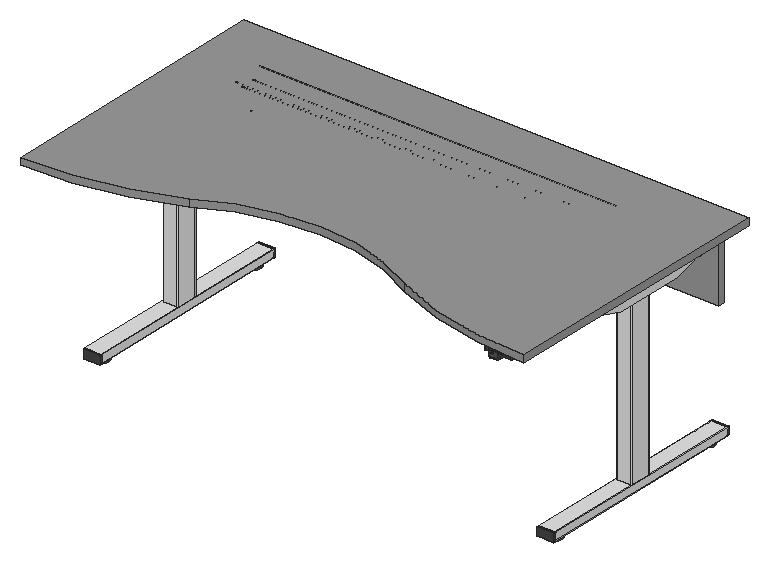
Revit family "Rise LT Double Wave Desk", category Furniture, Revit 2016
Family settings
  OmniClass Number = 23.40.20.00
  OmniClass Title = General Furniture and Specialties
  Work Plane-Based = No
  Always vertical = Yes
  Cut with Voids When Loaded = No
  Shared = No
  Room Calculation Point = No
Parameters (values of type "1800 x 800 with Modesty Panel & Cable Tray")
  Width = 1800 mm
  URL = "www.gof.co.uk"
  Type Comments = ""
  Range = "RISE LT"
  Product Code = "HDLWD18"
  Modesty Panel Visible = yes
  Modesty Panel = "BTCPW18"
  HeightControl [instance] = if(Height < 720 mm, 720 mm, (if(Height > 1200 mm, 1200 mm, Height)))  # 727 mm
  Height [instance] = 727 mm
  Desktop = Gresham - Midnight Ash
  Model = ""
  Manufacturer = "Gresham Office Furniture"  # constant formula
  Frame = Gresham - Silver Metal
  Foot = Gresham - Black Plastic
  Cable Tray Visible = yes
  Cable Tray = "MECT18"
  Assembly Code = "E2020200"
Reference planes
  plane 1 "Center (Front/Back)": y = -100
  plane 2: z = 0
  plane 3 "Center (Left/Right)": x = 0
  plane 4: x = -900
  plane 5: x = 900
  plane 6 "Desktop Underside": z = 702
  plane 7: y = 400
  plane 8: y = -600
  plane 9 "Foot": z = 15
  plane 10: z = 727
  plane 11: x = 595.86
  plane 12: x = -595.86
  plane 13 "Controls": x = 850
Forms (mm)
  Extrusion 1, solid, material "Gresham - Midnight Ash" <- "Desktop"
    sketch origin (0, 0, 702) x (-1, 0, 0) y (0, -1, 0)
      loop
        line (-900, 600) -> (-900, -400) -> (900, -400) -> (900, 599.618)
        arc (900, 599.618) -> (637.169, 574.18) -> (386.265, 491.874) r 1200
        arc (386.265, 491.874) -> (0.303, 384.491) -> (-385.659, 491.874) r 747.317
        arc (-385.659, 491.874) -> (-636.837, 574.442) -> (-900, 600) r 1200
    from 0 to 25
  Extrusion 2, solid
    sketch origin (-5, -202, 0) x (0, 1, 0) y (0, 0, 1)
      loop
        arc (244.5, 657) -> (246.621, 657.879) -> (247.5, 660) r 3
        line (247.5, 660) -> (247.5, 699)
        arc (247.5, 699) -> (246.621, 701.121) -> (244.5, 702) r 3
        line (244.5, 702) -> (207, 702) -> (207, 700) -> (244.5, 700)
        arc (244.5, 700) -> (245.207, 699.707) -> (245.5, 699) r 1
        line (245.5, 699) -> (245.5, 660)
        arc (245.5, 660) -> (245.207, 659.293) -> (244.5, 659) r 1
        line (244.5, 659) -> (210, 659)
        arc (210, 659) -> (209.293, 659.293) -> (209, 660) r 1
        line (209, 660) -> (209, 667) -> (207, 667) -> (207, 660)
        arc (207, 660) -> (207.879, 657.879) -> (210, 657) r 3
        line (210, 657) -> (244.5, 657)
    from -590.86 to 600.86
Dimensions and locks
  equal spacing: plane 4, plane 3 "Center (Left/Right)", plane 5
  "Width": plane 4 to plane 5
  equal spacing: plane 7, plane 1 "Center (Front/Back)", plane 8
  locked: plane 7 to plane 8 at 1000
  locked: plane 2 to plane 9 "Foot" at 15
  "HeightControl": plane 10 to level
  plane 10 to plane 6 "Desktop Underside" = 25 mm
  locked: nested 1 to plane 5 at 60
  locked: plane 7 to nested 1 at 12
  locked: nested 2 to plane 4 at 60
  locked: Extrusion 2 sketch curve to Extrusion 2 sketch curve at 41
  locked: plane 7 to nested 2 at 12
  locked: plane 11 to plane 5 at 304.14
  locked: plane 4 to plane 12 at 304.14
  locked: plane 13 "Controls" to plane 5 at 50
  locked: nested 3 to plane 8 at 8
  locked: plane 4 to nested 4 at 87
  locked: plane 7 to nested 5 at 53.5
  locked: plane 6 "Desktop Underside" to nested 5 at 61.5
  radius of Extrusion 1 sketch curve = 1200 mm  (x2)
  aligned and locked: level to plane 2
  aligned and locked: plane 10 to Extrusion 1
  aligned and locked: plane 11 to Extrusion 2
  aligned and locked: plane 12 to Extrusion 2
  aligned and locked: nested 3 to plane 13 "Controls"
  aligned and locked: plane 6 "Desktop Underside" to nested 3
  aligned and locked: plane 8 to Extrusion 1 sketch curve
  aligned and locked: plane 6 "Desktop Underside" to nested 4
Automatic sketch dimensions
  Extrusion 1 sketch curve to plane 5 = 0 mm
  Extrusion 1 sketch curve to plane 3 "Center (Left/Right)" = 0.304 mm
  Extrusion 1 sketch curve to plane 4 = 0 mm
  Extrusion 1 sketch curve to plane 7 = 0 mm
  plane 5 to Extrusion 1 sketch curve = 16.293 mm
  plane 4 to Extrusion 1 sketch curve = 16.518 mm
  plane 7 to Extrusion 1 sketch curve = 200.269 mm
  Extrusion 2 sketch curve to Extrusion 2 sketch curve = 0 mm  (x7)
  Extrusion 2 sketch curve to plane 6 "Desktop Underside" = 0 mm
  Extrusion 2 sketch curve to plane 1 "Center (Front/Back)" = 105 mm
  Extrusion 2 sketch curve to plane 6 "Desktop Underside" = 2 mm
  Extrusion 2 sketch curve to Extrusion 2 sketch curve = 1 mm  (x2)
  Extrusion 2 sketch curve to Extrusion 2 sketch curve = 37.5 mm
  Extrusion 2 sketch curve to Extrusion 2 sketch curve = 34.5 mm
  Extrusion 2 sketch curve to Extrusion 2 sketch curve = 7 mm
  plane 8 to Extrusion 1 sketch curve = 108.126 mm
  Extrusion 1 sketch curve to Extrusion 1 sketch curve = 0 mm
Nested families
  nested 1: "Rise LT Leg" at (5, -202, 0), Height <- "HeightControl", type "Rise LT Leg"
    with HeightControl 727 mm, Height 727 mm
  nested 2: "Rise LT Leg" at (-5, -202, 0) x (-1, 0, 0) z (0, 0, 1), Height <- "HeightControl", type "Rise LT Leg"
    with HeightControl 727 mm, Height 727 mm
  nested 3: "Controls" at (800, -559.5, 690), type "Controls"
  nested 4: "Modesty Panel" at (0, 0, 0), visible <- "Modesty Panel Visible", type "Modesty Panel"
    with HeightControl 727 mm, Height 727 mm
  nested 5: "Cable Tray" at (0, 0, 0), Height <- "Height", type "Cable Tray"
    with HeightControl 727 mm, Height 727 mm
Definition of nested family "Rise LT Leg"
  Parameters (values of type "Rise LT Leg")
    Width = 1800 mm
    URL = "www.gof.co.uk"
    Type Comments = ""
    Range = "RISE LT"
    Product Code = ""
    Model = ""
    Manufacturer = "Gresham Office Furniture"  # constant formula
    HeightControl [instance] = if(Height < 720 mm, 720 mm, (if(Height > 1200 mm, 1200 mm, Height)))  # 727 mm
    Height [instance] = 727 mm
    Frame = none
    Foot = none
    Bung = none
    Assembly Code = "E2020200"
  Reference planes
    plane 1 "Center (Front/Back)": y = 200
    plane 2: z = 0
    plane 3 "Center (Left/Right)": x = 0
    plane 4: x = -900
    plane 5: x = 900
    plane 6 "Desktop": z = 727
    plane 7: y = 600
    plane 8: y = -200
    plane 9 "Foot": z = 15
    plane 10 "Desktop Underside": z = 702
    plane 11 "Max Height": z = 1200
    plane 12 "Max Desktop Underside": z = 1175
  Forms (mm)
    Extrusion 1, solid, material <- "Frame"
      sketch origin (0, 0, 727) x (-1, 0, 0) y (0, -1, 0)
        loop
          line (-827.511, -240) -> (-782.511, -240)
          arc (-782.511, -240) -> (-778.976, -238.536) -> (-777.511, -235) r 5
          line (-777.511, -235) -> (-777.511, -165)
          arc (-777.511, -165) -> (-778.976, -161.464) -> (-782.511, -160) r 5
          line (-782.511, -160) -> (-827.511, -160)
          arc (-827.511, -160) -> (-831.047, -161.464) -> (-832.511, -165) r 5
          line (-832.511, -165) -> (-832.511, -235)
          arc (-832.511, -235) -> (-831.047, -238.536) -> (-827.511, -240) r 5
      from -682 to -82
    Extrusion 2, solid, material <- "Frame"
      sketch origin (0, 200, 0) x (1, 0, 0) y (0, 0, 1)
        loop
          line (833, 45) -> (777, 45)
          arc (777, 45) -> (775.586, 44.414) -> (775, 43) r 2
          line (775, 43) -> (775, 17)
          arc (775, 17) -> (775.586, 15.586) -> (777, 15) r 2
          line (777, 15) -> (833, 15)
          arc (833, 15) -> (834.414, 15.586) -> (835, 17) r 2
          line (835, 17) -> (835, 43)
          arc (835, 43) -> (834.414, 44.414) -> (833, 45) r 2
      from -385 to 385
    Extrusion 3, solid, material <- "Frame"
      sketch origin (0, 200, 70) x (1, 0, 0) y (0, 0, 1)
        loop
          line (842.511, 632) -> (590.86, 632) -> (590.86, 617)
          arc (590.86, 617) -> (599.647, 595.787) -> (620.86, 587) r 30
          line (620.86, 587) -> (842.511, 587) -> (842.511, 632)
      from -47.5 to 47.5
    Extrusion 4, solid, material <- "Frame"
      sketch origin (0, 200, 70) x (1, 0, 0) y (0, 0, 1)
        loop
          line (842.511, 632) -> (842.511, 622) -> (844.511, 622) -> (844.511, 630.159) -> (860.511, 630.159) -> (860.511, 579) -> (843.693, 579) -> (843.693, 582.43) -> (841.693, 582.43) -> (841.693, 577) -> (862.511, 577) -> (862.511, 632) -> (842.511, 632)
      from -275 to 275
    Extrusion 5, void
      sketch origin (870.011, 200, 1175) x (0, 0, 1) y (0, 1, 0)
        loop
          line (-528, 0) -> (-528, 125) -> (-483, 275) -> (-473, 275) -> (-473, 333.867) -> (-576.413, 333.867) -> (-576.413, 0) -> (-576.413, -333.867) -> (-473, -333.867) -> (-473, -275) -> (-483, -275) -> (-528, -125) -> (-528, 0)
      from -29.989 to 70.011
    Extrusion 6, solid, material <- "Frame"
      sketch origin (0, 0, 727) x (-1, 0, 0) y (0, -1, 0)
        loop
          line (-827.511, -238) -> (-782.511, -238)
          arc (-782.511, -238) -> (-780.39, -237.121) -> (-779.511, -235) r 3
          line (-779.511, -235) -> (-779.511, -165)
          arc (-779.511, -165) -> (-780.39, -162.879) -> (-782.511, -162) r 3
          line (-782.511, -162) -> (-827.511, -162)
          arc (-827.511, -162) -> (-829.633, -162.879) -> (-830.511, -165) r 3
          line (-830.511, -165) -> (-830.511, -235)
          arc (-830.511, -235) -> (-829.633, -237.121) -> (-827.511, -238) r 3
      from -82 to -70
    Revolve 7, solid, material <- "Foot"
      sketch origin (0, 540, 0) x (1, 0, 0) y (0, 0, 1)
        loop
          line (804.324, 0) -> (824.324, 0) -> (814.324, 15) -> (804.324, 15) -> (804.324, 0)
        axis (804.324, 15) -> (804.324, 0)
      angle from 0 to 360
    Revolve 8, solid, material <- "Foot"
      sketch origin (0, -140, 0) x (1, 0, 0) y (0, 0, -1)
        loop
          line (804.324, 0) -> (804.324, -15) -> (814.324, -15) -> (824.324, 0) -> (804.324, 0)
        axis (804.324, -15) -> (804.324, 0)
      angle from 0 to 360
    Extrusion 9, solid, material <- "Bung"
      sketch origin (0, 201.489, 0) x (1, 0, 0) y (0, 0, 1)
        loop
          line (833, 45) -> (777, 45)
          arc (777, 45) -> (775.586, 44.414) -> (775, 43) r 2
          line (775, 43) -> (775, 17)
          arc (775, 17) -> (775.586, 15.586) -> (777, 15) r 2
          line (777, 15) -> (833, 15)
          arc (833, 15) -> (834.414, 15.586) -> (835, 17) r 2
          line (835, 17) -> (835, 43)
          arc (835, 43) -> (834.414, 44.414) -> (833, 45) r 2
      from 386.489 to 391.489
    Extrusion 10, solid, material <- "Bung"
      sketch origin (0, 198.511, 0) x (1, 0, 0) y (0, 0, -1)
        loop
          arc (833, -45) -> (834.414, -44.414) -> (835, -43) r 2
          line (835, -43) -> (835, -17)
          arc (835, -17) -> (834.414, -15.586) -> (833, -15) r 2
          line (833, -15) -> (777, -15)
          arc (777, -15) -> (775.586, -15.586) -> (775, -17) r 2
          line (775, -17) -> (775, -43)
          arc (775, -43) -> (775.586, -44.414) -> (777, -45) r 2
          line (777, -45) -> (833, -45)
      from 386.489 to 391.489
  Cuts and joins
    Extrusion 5 cuts Extrusion 4
  Dimensions and locks
    equal spacing: plane 4, plane 3 "Center (Left/Right)", plane 5
    "Width": plane 4 to plane 5
    equal spacing: plane 7, plane 1 "Center (Front/Back)", plane 8
    locked: plane 7 to plane 8 at 800
    locked: plane 9 "Foot" to level at 15
    locked: plane 6 "Desktop" to plane 10 "Desktop Underside" at 25
    locked: plane 5 to Extrusion 2 at 65
    Extrusion 3 to Extrusion 3 = 95 mm
    plane 1 "Center (Front/Back)" to Extrusion 4 = 275 mm
    equal spacing: Extrusion 4, plane 1 "Center (Front/Back)", Extrusion 4
    plane 11 "Max Height" to level = 1200 mm
    locked: Extrusion 3 sketch curve to Extrusion 3 sketch curve at 45
    locked: Extrusion 5 sketch curve to Extrusion 5 sketch curve at 103.413
    "HeightControl": plane 6 "Desktop" to level
    locked: Extrusion 1 to level at 645
    locked: Extrusion 2 to Extrusion 2 at 30
    Extrusion 2 to Revolve 7 = 45 mm
    locked: Extrusion 9 to Extrusion 9 at 5
    locked: Extrusion 5 to plane 5 at 100
    locked: Extrusion 10 to Extrusion 10 at 5
    plane 9 "Foot" to level = 15 mm
    Revolve 8 to Extrusion 9 = 45 mm
    locked: Extrusion 3 to plane 5 at 309.14
    aligned and locked: level to plane 2
    aligned and locked: Extrusion 6 to Extrusion 3
    aligned and locked: Extrusion 6 to Extrusion 1
    aligned and locked: Extrusion 2 to plane 9 "Foot"
    aligned and locked: Extrusion 1 to Extrusion 2
    aligned and locked: Extrusion 2 to Extrusion 9
    aligned and locked: Extrusion 5 to plane 5
    aligned and locked: Extrusion 2 to Extrusion 10
  Automatic sketch dimensions
    plane 1 "Center (Front/Back)" to Extrusion 1 sketch curve = 35 mm
    plane 5 to Extrusion 1 sketch curve = 67.489 mm
    Extrusion 1 sketch curve to Extrusion 1 sketch curve = 5 mm  (x3)
    Extrusion 1 sketch curve to Extrusion 1 sketch curve = 45 mm  (x2)
    Extrusion 1 sketch curve to plane 1 "Center (Front/Back)" = 35 mm
    Extrusion 2 sketch curve to plane 9 "Foot" = 0 mm
    plane 9 "Foot" to Extrusion 2 sketch curve = 2 mm  (x2)
    plane 5 to Extrusion 2 sketch curve = 125 mm
    Extrusion 2 sketch curve to Extrusion 2 sketch curve = 2 mm
    Extrusion 2 sketch curve to Extrusion 2 sketch curve = 56 mm
    Extrusion 2 sketch curve to Extrusion 2 sketch curve = 0 mm
    Extrusion 2 sketch curve to Extrusion 2 sketch curve = 26 mm
    Extrusion 3 sketch curve to plane 10 "Desktop Underside" = 0 mm
    plane 3 "Center (Left/Right)" to Extrusion 3 sketch curve = 590.86 mm
    Extrusion 3 sketch curve to Extrusion 3 sketch curve = 30 mm
    plane 5 to Extrusion 3 sketch curve = 57.489 mm
    Extrusion 4 sketch curve to plane 10 "Desktop Underside" = 0 mm
    plane 5 to Extrusion 4 sketch curve = 58.307 mm
    Extrusion 4 sketch curve to plane 10 "Desktop Underside" = 10 mm
    Extrusion 4 sketch curve to Extrusion 4 sketch curve = 0.819 mm
    Extrusion 4 sketch curve to Extrusion 4 sketch curve = 2 mm  (x4)
    Extrusion 4 sketch curve to plane 10 "Desktop Underside" = 1.841 mm
    Extrusion 4 sketch curve to Extrusion 4 sketch curve = 16 mm
    Extrusion 4 sketch curve to Extrusion 4 sketch curve = 39.57 mm
    Extrusion 4 sketch curve to Extrusion 4 sketch curve = 3.43 mm
    Extrusion 5 sketch curve to plane 1 "Center (Front/Back)" = 0 mm  (x2)
    Extrusion 5 sketch curve to plane 10 "Desktop Underside" = 0 mm  (x2)
    Extrusion 5 sketch curve to plane 10 "Desktop Underside" = 55 mm
    Extrusion 5 sketch curve to plane 10 "Desktop Underside" = 10 mm  (x2)
    Extrusion 5 sketch curve to Extrusion 5 sketch curve = 125 mm
    plane 8 to Extrusion 5 sketch curve = 125 mm
    Extrusion 5 sketch curve to Extrusion 5 sketch curve = 58.867 mm
    Extrusion 5 sketch curve to plane 1 "Center (Front/Back)" = 125 mm
    Extrusion 5 sketch curve to plane 7 = 125 mm
    Extrusion 5 sketch curve to plane 7 = 66.133 mm
    plane 1 "Center (Front/Back)" to Extrusion 6 sketch curve = 35 mm
    plane 5 to Extrusion 6 sketch curve = 69.489 mm
    Extrusion 6 sketch curve to Extrusion 6 sketch curve = 3 mm  (x3)
    Extrusion 6 sketch curve to Extrusion 6 sketch curve = 45 mm  (x2)
    Extrusion 6 sketch curve to plane 1 "Center (Front/Back)" = 35 mm
    Revolve 7 sketch curve to level = 0 mm
    Revolve 7 sketch curve to plane 9 "Foot" = 0 mm  (x2)
    plane 5 to Revolve 7 sketch curve = 95.676 mm
    Revolve 7 sketch curve to Revolve 7 sketch curve = 10 mm  (x2)
    Revolve 7 sketch curve to Revolve 7 sketch curve = 0 mm
    Revolve 7 sketch curve to Revolve 7 sketch curve = 11.548 mm
    Revolve 8 sketch curve to level = 0 mm
    Revolve 8 sketch curve to plane 9 "Foot" = 0 mm  (x2)
    plane 5 to Revolve 8 sketch curve = 95.676 mm
    Revolve 8 sketch curve to Revolve 8 sketch curve = 10 mm  (x2)
    Revolve 8 sketch curve to Revolve 8 sketch curve = 0 mm
    Revolve 8 sketch curve to Revolve 8 sketch curve = 11.548 mm
    Extrusion 9 sketch curve to plane 9 "Foot" = 0 mm
    plane 9 "Foot" to Extrusion 9 sketch curve = 28 mm
    plane 5 to Extrusion 9 sketch curve = 125 mm
    Extrusion 9 sketch curve to Extrusion 9 sketch curve = 2 mm  (x3)
    Extrusion 9 sketch curve to Extrusion 9 sketch curve = 56 mm
    Extrusion 9 sketch curve to Extrusion 9 sketch curve = 0 mm
    Extrusion 10 sketch curve to plane 9 "Foot" = 0 mm
    plane 9 "Foot" to Extrusion 10 sketch curve = 28 mm
    plane 5 to Extrusion 10 sketch curve = 125 mm
    Extrusion 10 sketch curve to Extrusion 10 sketch curve = 2 mm  (x3)
    Extrusion 10 sketch curve to Extrusion 10 sketch curve = 56 mm
    Extrusion 10 sketch curve to Extrusion 10 sketch curve = 0 mm
Definition of nested family "Controls"
  Parameters (values of type "Controls")
    URL = "www.gof.co.uk"
    Rubber Keys = none
    Range = "RANGE LT"
    Product Code = "Controls"
    Plastic Case = none
    Manufacturer = "Gresham Office Furniture"  # constant formula
  Reference planes
    plane 1 "Center (Front/Back)": y = 0
    plane 2: z = 0
    plane 3 "Center (Left/Right)": x = 0
  Forms (mm)
    Extrusion 1, solid, material <- "Plastic Case"
      sketch origin (0, 0, 0) x (1, 0, 0) y (0, 1, 0)
        loop
          arc (-45, 32.5) -> (-48.536, 31.036) -> (-50, 27.5) r 5
          line (-50, 27.5) -> (-50, -27.5)
          arc (-50, -27.5) -> (-48.536, -31.036) -> (-45, -32.5) r 5
          line (-45, -32.5) -> (45, -32.5)
          arc (45, -32.5) -> (48.536, -31.036) -> (50, -27.5) r 5
          line (50, -27.5) -> (50, 27.5)
          arc (50, 27.5) -> (48.536, 31.036) -> (45, 32.5) r 5
          line (45, 32.5) -> (-45, 32.5)
      from 0 to 12
    Sweep 2, solid, material <- "Plastic Case"
      path origin (0, 0, 2) x (0, 1, 0) y (0, 0, 1)
        loop
          line (-32.5, 6) -> (-36.392, 6)
          arc (-36.392, 6) -> (-37.474, 5.881) -> (-38.505, 5.532) r 5
          line (-38.505, 5.532) -> (-55.626, -2.452)
      profile origin (0, -34.446, 8) x (0, 0, -1) y (1, 0, 0)
        loop
          line (-4, 30) -> (-4, -30) -> (4, -30) -> (4, 30) -> (-4, 30)
    Extrusion 3, void
      sketch origin (-30, -40.195, 11.157) x (0, -0.906308, -0.422618) y (1, 0, 0)
        loop
          line (18.892, 75) -> (-7.33, 75) -> (-7.33, 60) -> (10.178, 50.091)
          arc (10.178, 50.091) -> (14.833, 46.912) -> (18.892, 43) r 33.579
          line (18.892, 43) -> (18.892, 75)
      from -13.674 to 7.77
    Extrusion 4, void
      sketch origin (30, -40.195, 11.157) x (0, -0.906308, -0.422618) y (1, 0, 0)
        loop
          line (18.892, -75) -> (18.892, -43)
          arc (18.892, -43) -> (14.833, -46.912) -> (10.178, -50.091) r 33.579
          line (10.178, -50.091) -> (-7.33, -60) -> (-7.33, -75) -> (18.892, -75)
      from -13.674 to 7.77
    Extrusion 5, solid, material <- "Rubber Keys"
      sketch origin (-30, -40.195, 11.157) x (0, -0.906308, -0.422618) y (1, 0, 0)
        loop
          line (0.281, 19.363) -> (8.531, 14.6) -> (8.531, 24.126) -> (0.281, 19.363)
        loop
          line (0.656, 35.874) -> (8.906, 40.637) -> (0.656, 45.4) -> (0.656, 35.874)
      from 0 to 1.5
  Cuts and joins
    Extrusion 3, Extrusion 4 cuts Sweep 2
  Dimensions and locks
    aligned and locked: level to plane 2
Definition of nested family "Modesty Panel"
  Parameters (values of type "Modesty Panel")
    Width = 1800 mm
    URL = "www.gof.co.uk"
    Type Comments = ""
    Range = "RISE LT"
    Product Code = ""
    Modesty Panel Visible = yes
    Modesty Panel = none
    HeightControl [instance] = if(Height < 720 mm, 720 mm, (if(Height > 1200 mm, 1200 mm, Height)))  # 727 mm
    Height [instance] = 727 mm
    Desktop = none
    Model = ""
    Manufacturer = "Gresham Office Furniture"  # constant formula
    Frame = none
    Foot = none
    Assembly Code = "E2020200"
  Reference planes
    plane 1 "Center (Front/Back)": y = 0
    plane 2: z = 0
    plane 3 "Center (Left/Right)": x = 0
    plane 4: x = -900
    plane 5: x = 900
    plane 6 "Desktop Underside": z = 702
    plane 7: y = 400
    plane 8: y = -400
    plane 9 "Foot": z = 15
    plane 10: z = 727
    plane 11 "Modesty Panel": x = -593
    plane 12: x = 593
    plane 13: z = 425
    plane 14: z = 677
    plane 15: y = 375
    plane 16: x = 568
    plane 17: x = -568
    plane 18: x = -813
    plane 19: x = 813
  Forms (mm)
    Extrusion 1, solid, material <- "Frame", visible <- "Modesty Panel Visible"
      sketch origin (-593, 43.228, 0) x (0, 1, 0) y (0, 0, 1)
        loop
          line (161.772, 702) -> (161.772, 677) -> (306.772, 677) -> (306.772, 432) -> (331.772, 432) -> (331.772, 702) -> (161.772, 702)
      from 0 to 25
    Extrusion 2, solid, material <- "Frame", visible <- "Modesty Panel Visible"
      sketch origin (593, 43.228, 0) x (0, 1, 0) y (0, 0, -1)
        loop
          line (161.772, -702) -> (331.772, -702) -> (331.772, -432) -> (306.772, -432) -> (306.772, -677) -> (161.772, -677) -> (161.772, -702)
      from 0 to 25
    Extrusion 3, solid, material <- "Modesty Panel", visible <- "Modesty Panel Visible"
      sketch origin (0, 0, 0) x (0, 1, 0) y (0, 0, 1)
        loop
          line (375, 677) -> (375, 425) -> (400, 425) -> (400, 677) -> (375, 677)
      from -813 to 813
  Dimensions and locks
    equal spacing: plane 4, plane 3 "Center (Left/Right)", plane 5
    "Width": plane 4 to plane 5
    equal spacing: plane 7, plane 1 "Center (Front/Back)", plane 8
    locked: plane 7 to plane 8 at 800
    locked: plane 2 to plane 9 "Foot" at 15
    "HeightControl": plane 10 to level
    locked: plane 10 to plane 6 "Desktop Underside" at 25
    locked: Extrusion 1 sketch curve to Extrusion 1 sketch curve at 170
    locked: Extrusion 1 sketch curve to Extrusion 1 sketch curve at 25  (x2)
    locked: Extrusion 1 sketch curve to Extrusion 1 sketch curve at 270
    locked: Extrusion 1 to Extrusion 1 at 25
    locked: plane 7 to Extrusion 1 at 25
    locked: plane 11 "Modesty Panel" to plane 4 at 307
    locked: plane 12 to plane 5 at 307
    locked: Extrusion 2 sketch curve to Extrusion 2 sketch curve at 170
    locked: Extrusion 2 sketch curve to Extrusion 2 sketch curve at 25  (x2)
    locked: Extrusion 2 sketch curve to Extrusion 2 sketch curve at 270
    locked: Extrusion 2 to Extrusion 2 at 25
    locked: Extrusion 1 to plane 13 at 7
    locked: plane 6 "Desktop Underside" to plane 14 at 25
    locked: plane 7 to plane 15 at 25
    locked: plane 16 to plane 12 at 25
    locked: plane 17 to plane 11 "Modesty Panel" at 25
    locked: plane 13 to plane 14 at 252
    locked: plane 4 to plane 18 at 87
    locked: plane 19 to plane 5 at 87
    aligned and locked: level to plane 2
    aligned and locked: plane 6 "Desktop Underside" to Extrusion 1
    aligned and locked: Extrusion 1 to plane 11 "Modesty Panel"
    aligned and locked: Extrusion 2 to plane 12
    aligned and locked: Extrusion 3 to plane 14
    aligned and locked: Extrusion 3 to plane 13
    aligned and locked: Extrusion 3 to plane 18
    aligned and locked: Extrusion 3 to plane 19
  Automatic sketch dimensions
    Extrusion 1 sketch curve to plane 6 "Desktop Underside" = 0 mm
    Extrusion 1 sketch curve to plane 7 = 195 mm
    Extrusion 2 sketch curve to plane 6 "Desktop Underside" = 0 mm
    Extrusion 2 sketch curve to plane 7 = 195 mm
    Extrusion 3 sketch curve to plane 13 = 0 mm
    Extrusion 3 sketch curve to plane 15 = 0 mm
    Extrusion 3 sketch curve to plane 7 = 0 mm
    plane 14 to Extrusion 3 sketch curve = 0 mm
Definition of nested family "Cable Tray"
  Parameters (values of type "Cable Tray")
    Width = 1800 mm
    URL = "www.gof.co.uk"
    Type Comments = ""
    Range = "RISE LT"
    Product Code = ""
    Modesty Panel = none
    HeightControl [instance] = if(Height < 720 mm, 720 mm, (if(Height > 1200 mm, 1200 mm, Height)))  # 727 mm
    Height [instance] = 727 mm
    Desktop = none
    Model = ""
    Manufacturer = "Gresham Office Furniture"  # constant formula
    Frame = none
    Foot = none
    Cable Tray Clips = none
    Cable Tray = yes
    Assembly Code = "E2020200"
  Reference planes
    plane 1 "Center (Front/Back)": y = 0
    plane 2: z = 0
    plane 3 "Center (Left/Right)": x = 0
    plane 4: x = -900
    plane 5: x = 900
    plane 6 "Desktop Underside": z = 702
    plane 7: y = 400
    plane 8: y = -400
    plane 9 "Foot": z = 15
    plane 10: z = 727
    plane 11 "Cable Tray Left": x = -800
    plane 12 "Cable Tray Right": x = 800
  Forms (mm)
    Extrusion 1, solid, material <- "Frame", visible <- "Cable Tray"
      sketch origin (0, 12.089, -4.885) x (0, 1, 0) y (0, 0, 1)
        loop
          circle (301.911, 615.385) r 1.5
        loop
          circle (251.911, 615.385) r 1.5
        loop
          circle (220.911, 645.385) r 1.5
        loop
          circle (332.911, 645.385) r 1.5
      from -800 to 800
    Sweep 2, solid, material <- "Frame", visible <- "Cable Tray"
      path in 3D
        loop
          line (0, 341.76, 640.5) -> (0, 333.661, 615.573)
          arc (0, 333.661, 615.573) -> (0, 332.571, 614.073) -> (0, 330.808, 613.5) r 3
          line (0, 330.808, 613.5) -> (0, 247.192, 613.5)
          arc (0, 247.192, 613.5) -> (0, 245.429, 614.073) -> (0, 244.339, 615.573) r 3
          line (0, 244.339, 615.573) -> (0, 236.24, 640.5)
      profile origin (0, 289, 613.5) x (0, 0, 1) y (-1, 0, 0)
        loop
          circle (0, 0) r 1.5
    Sweep 3, solid, material <- "Frame", visible <- "Cable Tray", not visible
      path in 3D
        loop
          line (0, 329.671, 645.385) -> (0, 321.572, 620.458)
          arc (0, 321.572, 620.458) -> (0, 320.482, 618.958) -> (0, 318.719, 618.385) r 3
          line (0, 318.719, 618.385) -> (0, 235.103, 618.385)
          arc (0, 235.103, 618.385) -> (0, 233.34, 618.958) -> (0, 232.25, 620.458) r 3
          line (0, 232.25, 620.458) -> (0, 224.151, 645.385)
      profile origin (0, 276.911, 618.385) x (0, 0, 1) y (-1, 0, 0)
        loop
          circle (0, 0) r 1.5
    Sweep 4, solid, material <- "Frame", visible <- "Cable Tray"
      path in 3D
        loop
          line (800, 342.073, 640.5) -> (800, 333.974, 615.573)
          arc (800, 333.974, 615.573) -> (800, 332.884, 614.073) -> (800, 331.121, 613.5) r 3
          line (800, 331.121, 613.5) -> (800, 247.505, 613.5)
          arc (800, 247.505, 613.5) -> (800, 245.742, 614.073) -> (800, 244.652, 615.573) r 3
          line (800, 244.652, 615.573) -> (800, 236.553, 640.5)
      profile origin (800, 289.313, 613.5) x (0, 0, 1) y (-1, 0, 0)
        loop
          circle (0, 0) r 1.5
    Sweep 5, solid, material <- "Frame", visible <- "Cable Tray"
      path in 3D
        loop
          line (-800, 342.073, 640.5) -> (-800, 333.974, 615.573)
          arc (-800, 333.974, 615.573) -> (-800, 332.884, 614.073) -> (-800, 331.121, 613.5) r 3
          line (-800, 331.121, 613.5) -> (-800, 247.505, 613.5)
          arc (-800, 247.505, 613.5) -> (-800, 245.742, 614.073) -> (-800, 244.652, 615.573) r 3
          line (-800, 244.652, 615.573) -> (-800, 236.553, 640.5)
      profile origin (-800, 289.313, 613.5) x (0, 0, 1) y (-1, 0, 0)
        loop
          circle (0, 0) r 1.5
    Sweep 6, solid, material <- "Frame", visible <- "Cable Tray"
      path in 3D
        loop
          line (100, 341.76, 640.5) -> (100, 333.661, 615.573)
          arc (100, 333.661, 615.573) -> (100, 332.571, 614.073) -> (100, 330.808, 613.5) r 3
          line (100, 330.808, 613.5) -> (100, 247.192, 613.5)
          arc (100, 247.192, 613.5) -> (100, 245.429, 614.073) -> (100, 244.339, 615.573) r 3
          line (100, 244.339, 615.573) -> (100, 236.24, 640.5)
      profile origin (100, 289, 613.5) x (0, 0, 1) y (-1, 0, 0)
        loop
          circle (0, 0) r 1.5
    Sweep 7, solid, material <- "Frame", visible <- "Cable Tray"
      path in 3D
        loop
          line (300, 341.76, 640.5) -> (300, 333.661, 615.573)
          arc (300, 333.661, 615.573) -> (300, 332.571, 614.073) -> (300, 330.808, 613.5) r 3
          line (300, 330.808, 613.5) -> (300, 247.192, 613.5)
          arc (300, 247.192, 613.5) -> (300, 245.429, 614.073) -> (300, 244.339, 615.573) r 3
          line (300, 244.339, 615.573) -> (300, 236.24, 640.5)
      profile origin (300, 289, 613.5) x (0, 0, 1) y (-1, 0, 0)
        loop
          circle (0, 0) r 1.5
    Sweep 8, solid, material <- "Frame", visible <- "Cable Tray"
      path in 3D
        loop
          line (400, 341.76, 640.5) -> (400, 333.661, 615.573)
          arc (400, 333.661, 615.573) -> (400, 332.571, 614.073) -> (400, 330.808, 613.5) r 3
          line (400, 330.808, 613.5) -> (400, 247.192, 613.5)
          arc (400, 247.192, 613.5) -> (400, 245.429, 614.073) -> (400, 244.339, 615.573) r 3
          line (400, 244.339, 615.573) -> (400, 236.24, 640.5)
      profile origin (400, 289, 613.5) x (0, 0, 1) y (-1, 0, 0)
        loop
          circle (0, 0) r 1.5
    Sweep 9, solid, material <- "Frame", visible <- "Cable Tray"
      path in 3D
        loop
          line (500, 341.76, 640.5) -> (500, 333.661, 615.573)
          arc (500, 333.661, 615.573) -> (500, 332.571, 614.073) -> (500, 330.808, 613.5) r 3
          line (500, 330.808, 613.5) -> (500, 247.192, 613.5)
          arc (500, 247.192, 613.5) -> (500, 245.429, 614.073) -> (500, 244.339, 615.573) r 3
          line (500, 244.339, 615.573) -> (500, 236.24, 640.5)
      profile origin (500, 289, 613.5) x (0, 0, 1) y (-1, 0, 0)
        loop
          circle (0, 0) r 1.5
    Sweep 10, solid, material <- "Frame", visible <- "Cable Tray"
      path in 3D
        loop
          line (600, 341.76, 640.5) -> (600, 333.661, 615.573)
          arc (600, 333.661, 615.573) -> (600, 332.571, 614.073) -> (600, 330.808, 613.5) r 3
          line (600, 330.808, 613.5) -> (600, 247.192, 613.5)
          arc (600, 247.192, 613.5) -> (600, 245.429, 614.073) -> (600, 244.339, 615.573) r 3
          line (600, 244.339, 615.573) -> (600, 236.24, 640.5)
      profile origin (600, 289, 613.5) x (0, 0, 1) y (-1, 0, 0)
        loop
          circle (0, 0) r 1.5
    Sweep 11, solid, material <- "Frame", visible <- "Cable Tray"
      path in 3D
        loop
          line (700, 341.76, 640.5) -> (700, 333.661, 615.573)
          arc (700, 333.661, 615.573) -> (700, 332.571, 614.073) -> (700, 330.808, 613.5) r 3
          line (700, 330.808, 613.5) -> (700, 247.192, 613.5)
          arc (700, 247.192, 613.5) -> (700, 245.429, 614.073) -> (700, 244.339, 615.573) r 3
          line (700, 244.339, 615.573) -> (700, 236.24, 640.5)
      profile origin (700, 289, 613.5) x (0, 0, 1) y (-1, 0, 0)
        loop
          circle (0, 0) r 1.5
    Sweep 12, solid, material <- "Frame", visible <- "Cable Tray"
      path in 3D
        loop
          line (200, 341.76, 640.5) -> (200, 333.661, 615.573)
          arc (200, 333.661, 615.573) -> (200, 332.571, 614.073) -> (200, 330.808, 613.5) r 3
          line (200, 330.808, 613.5) -> (200, 247.192, 613.5)
          arc (200, 247.192, 613.5) -> (200, 245.429, 614.073) -> (200, 244.339, 615.573) r 3
          line (200, 244.339, 615.573) -> (200, 236.24, 640.5)
      profile origin (200, 289, 613.5) x (0, 0, 1) y (-1, 0, 0)
        loop
          circle (0, 0) r 1.5
    Sweep 13, solid, material <- "Frame", visible <- "Cable Tray"
      path in 3D
        loop
          line (-100, 341.76, 640.5) -> (-100, 333.661, 615.573)
          arc (-100, 333.661, 615.573) -> (-100, 332.571, 614.073) -> (-100, 330.808, 613.5) r 3
          line (-100, 330.808, 613.5) -> (-100, 247.192, 613.5)
          arc (-100, 247.192, 613.5) -> (-100, 245.429, 614.073) -> (-100, 244.339, 615.573) r 3
          line (-100, 244.339, 615.573) -> (-100, 236.24, 640.5)
      profile origin (-100, 289, 613.5) x (0, 0, 1) y (-1, 0, 0)
        loop
          circle (0, 0) r 1.5
    Sweep 14, solid, material <- "Frame", visible <- "Cable Tray"
      path in 3D
        loop
          line (-300, 341.76, 640.5) -> (-300, 333.661, 615.573)
          arc (-300, 333.661, 615.573) -> (-300, 332.571, 614.073) -> (-300, 330.808, 613.5) r 3
          line (-300, 330.808, 613.5) -> (-300, 247.192, 613.5)
          arc (-300, 247.192, 613.5) -> (-300, 245.429, 614.073) -> (-300, 244.339, 615.573) r 3
          line (-300, 244.339, 615.573) -> (-300, 236.24, 640.5)
      profile origin (-300, 289, 613.5) x (0, 0, 1) y (-1, 0, 0)
        loop
          circle (0, 0) r 1.5
    Sweep 15, solid, material <- "Frame", visible <- "Cable Tray"
      path in 3D
        loop
          line (-400, 341.76, 640.5) -> (-400, 333.661, 615.573)
          arc (-400, 333.661, 615.573) -> (-400, 332.571, 614.073) -> (-400, 330.808, 613.5) r 3
          line (-400, 330.808, 613.5) -> (-400, 247.192, 613.5)
          arc (-400, 247.192, 613.5) -> (-400, 245.429, 614.073) -> (-400, 244.339, 615.573) r 3
          line (-400, 244.339, 615.573) -> (-400, 236.24, 640.5)
      profile origin (-400, 289, 613.5) x (0, 0, 1) y (-1, 0, 0)
        loop
          circle (0, 0) r 1.5
    Sweep 16, solid, material <- "Frame", visible <- "Cable Tray"
      path in 3D
        loop
          line (-500, 341.76, 640.5) -> (-500, 333.661, 615.573)
          arc (-500, 333.661, 615.573) -> (-500, 332.571, 614.073) -> (-500, 330.808, 613.5) r 3
          line (-500, 330.808, 613.5) -> (-500, 247.192, 613.5)
          arc (-500, 247.192, 613.5) -> (-500, 245.429, 614.073) -> (-500, 244.339, 615.573) r 3
          line (-500, 244.339, 615.573) -> (-500, 236.24, 640.5)
      profile origin (-500, 289, 613.5) x (0, 0, 1) y (-1, 0, 0)
        loop
          circle (0, 0) r 1.5
    Sweep 17, solid, material <- "Frame", visible <- "Cable Tray"
      path in 3D
        loop
          line (-600, 341.76, 640.5) -> (-600, 333.661, 615.573)
          arc (-600, 333.661, 615.573) -> (-600, 332.571, 614.073) -> (-600, 330.808, 613.5) r 3
          line (-600, 330.808, 613.5) -> (-600, 247.192, 613.5)
          arc (-600, 247.192, 613.5) -> (-600, 245.429, 614.073) -> (-600, 244.339, 615.573) r 3
          line (-600, 244.339, 615.573) -> (-600, 236.24, 640.5)
      profile origin (-600, 289, 613.5) x (0, 0, 1) y (-1, 0, 0)
        loop
          circle (0, 0) r 1.5
    Sweep 18, solid, material <- "Frame", visible <- "Cable Tray"
      path in 3D
        loop
          line (-700, 341.76, 640.5) -> (-700, 333.661, 615.573)
          arc (-700, 333.661, 615.573) -> (-700, 332.571, 614.073) -> (-700, 330.808, 613.5) r 3
          line (-700, 330.808, 613.5) -> (-700, 247.192, 613.5)
          arc (-700, 247.192, 613.5) -> (-700, 245.429, 614.073) -> (-700, 244.339, 615.573) r 3
          line (-700, 244.339, 615.573) -> (-700, 236.24, 640.5)
      profile origin (-700, 289, 613.5) x (0, 0, 1) y (-1, 0, 0)
        loop
          circle (0, 0) r 1.5
    Sweep 19, solid, material <- "Frame", visible <- "Cable Tray"
      path in 3D
        loop
          line (-200, 341.76, 640.5) -> (-200, 333.661, 615.573)
          arc (-200, 333.661, 615.573) -> (-200, 332.571, 614.073) -> (-200, 330.808, 613.5) r 3
          line (-200, 330.808, 613.5) -> (-200, 247.192, 613.5)
          arc (-200, 247.192, 613.5) -> (-200, 245.429, 614.073) -> (-200, 244.339, 615.573) r 3
          line (-200, 244.339, 615.573) -> (-200, 236.24, 640.5)
      profile origin (-200, 289, 613.5) x (0, 0, 1) y (-1, 0, 0)
        loop
          circle (0, 0) r 1.5
    Extrusion 20, solid, material <- "Cable Tray Clips", visible <- "Cable Tray"
      sketch origin (615, 0, 0) x (0, 1, 0) y (0, 0, 1)
        loop
          arc (346.5, 640.5) -> (345, 639) -> (343.5, 640.5) r 1.5
          line (343.5, 640.5) -> (343.5, 645.926) -> (340.5, 645.926) -> (340.5, 640.5)
          arc (340.5, 640.5) -> (345, 636) -> (349.5, 640.5) r 4.5
          line (349.5, 640.5) -> (349.5, 677.5)
          arc (349.5, 677.5) -> (348.692, 680.415) -> (346.5, 682.5) r 5.667
          arc (346.5, 682.5) -> (322.774, 690.464) -> (297.984, 693.899) r 134.615
          line (297.984, 693.899) -> (297.984, 697) -> (303.984, 697) -> (303.984, 702) -> (279.984, 702) -> (279.984, 697) -> (285.984, 697) -> (285.984, 693.899)
          arc (285.984, 693.899) -> (261.193, 690.464) -> (237.467, 682.5) r 134.615
          arc (237.467, 682.5) -> (235.275, 680.415) -> (234.435, 677.5) r 5.667
          line (234.435, 677.5) -> (234.435, 670.5)
          arc (234.435, 670.5) -> (232.935, 669) -> (231.435, 670.5) r 1.5
          line (231.435, 670.5) -> (231.435, 675.5) -> (228.435, 675.5) -> (228.435, 670.5)
          arc (228.435, 670.5) -> (230.365, 666.806) -> (234.5, 666.281) r 4.5
          line (234.5, 666.281) -> (234.5, 640.5)
          arc (234.5, 640.5) -> (233, 639) -> (231.5, 640.5) r 1.5
          line (231.5, 640.5) -> (231.5, 645.5) -> (228.5, 645.5) -> (228.5, 640.5)
          arc (228.5, 640.5) -> (233, 636) -> (237.5, 640.5) r 4.5
          line (237.5, 640.5) -> (237.5, 677.793)
          arc (237.5, 677.793) -> (237.882, 679.174) -> (238.92, 680.161) r 2.683
          arc (238.92, 680.161) -> (291.984, 691.033) -> (345.047, 680.161) r 134.926
          arc (345.047, 680.161) -> (346.085, 679.174) -> (346.467, 677.793) r 2.683
          line (346.467, 677.793) -> (346.467, 670.5)
          arc (346.467, 670.5) -> (344.951, 668.984) -> (343.435, 670.5) r 1.516
          line (343.435, 670.5) -> (343.435, 675.5) -> (340.435, 675.5) -> (340.435, 670.5)
          arc (340.435, 670.5) -> (342.365, 666.806) -> (346.5, 666.281) r 4.5
          line (346.5, 666.281) -> (346.5, 640.5)
      from 0 to 25
    Extrusion 21, solid, material <- "Cable Tray Clips", visible <- "Cable Tray"
      sketch origin (-615, 0, 0) x (0, 1, 0) y (0, 0, -1)
        loop
          line (346.5, -640.5) -> (346.5, -666.281)
          arc (346.5, -666.281) -> (342.365, -666.806) -> (340.435, -670.5) r 4.5
          line (340.435, -670.5) -> (340.435, -675.5) -> (343.435, -675.5) -> (343.435, -670.5)
          arc (343.435, -670.5) -> (344.951, -668.984) -> (346.467, -670.5) r 1.516
          line (346.467, -670.5) -> (346.467, -677.793)
          arc (346.467, -677.793) -> (346.085, -679.174) -> (345.047, -680.161) r 2.683
          arc (345.047, -680.161) -> (291.984, -691.033) -> (238.92, -680.161) r 134.926
          arc (238.92, -680.161) -> (237.882, -679.174) -> (237.5, -677.793) r 2.683
          line (237.5, -677.793) -> (237.5, -640.5)
          arc (237.5, -640.5) -> (233, -636) -> (228.5, -640.5) r 4.5
          line (228.5, -640.5) -> (228.5, -645.5) -> (231.5, -645.5) -> (231.5, -640.5)
          arc (231.5, -640.5) -> (233, -639) -> (234.5, -640.5) r 1.5
          line (234.5, -640.5) -> (234.5, -666.281)
          arc (234.5, -666.281) -> (230.365, -666.806) -> (228.435, -670.5) r 4.5
          line (228.435, -670.5) -> (228.435, -675.5) -> (231.435, -675.5) -> (231.435, -670.5)
          arc (231.435, -670.5) -> (232.935, -669) -> (234.435, -670.5) r 1.5
          line (234.435, -670.5) -> (234.435, -677.5)
          arc (234.435, -677.5) -> (235.275, -680.415) -> (237.467, -682.5) r 5.667
          arc (237.467, -682.5) -> (261.193, -690.464) -> (285.984, -693.899) r 134.615
          line (285.984, -693.899) -> (285.984, -697) -> (279.984, -697) -> (279.984, -702) -> (303.984, -702) -> (303.984, -697) -> (297.984, -697) -> (297.984, -693.899)
          arc (297.984, -693.899) -> (322.774, -690.464) -> (346.5, -682.5) r 134.615
          arc (346.5, -682.5) -> (348.692, -680.415) -> (349.5, -677.5) r 5.667
          line (349.5, -677.5) -> (349.5, -640.5)
          arc (349.5, -640.5) -> (345, -636) -> (340.5, -640.5) r 4.5
          line (340.5, -640.5) -> (340.5, -645.926) -> (343.5, -645.926) -> (343.5, -640.5)
          arc (343.5, -640.5) -> (345, -639) -> (346.5, -640.5) r 1.5
      from 0 to 25
  Lines and regions (mm)
    model lines, not visible
      curve 1: arc (0, 315.5, 610.5) -> (0, 314, 612) -> (0, 312.5, 610.5) r 1.5
      curve 2: arc (0, 265.5, 610.5) -> (0, 264, 612) -> (0, 262.5, 610.5) r 1.5
      curve 3: line (0, 330.808, 613.5) -> (0, 247.192, 613.5)
      curve 4: line (0, 244.339, 615.573) -> (0, 236.24, 640.5)
      curve 5: arc (0, 247.192, 613.5) -> (0, 245.429, 614.073) -> (0, 244.339, 615.573) r 3
      curve 6: line (0, 333.661, 615.573) -> (0, 341.76, 640.5)
      curve 7: arc (0, 330.808, 613.5) -> (0, 332.571, 614.073) -> (0, 333.661, 615.573) r 3
      curve 13: arc (0, 303.411, 615.385) -> (0, 301.911, 616.885) -> (0, 300.411, 615.385) r 1.5
      curve 14: arc (0, 253.411, 615.385) -> (0, 251.911, 616.885) -> (0, 250.411, 615.385) r 1.5
      curve 15: line (0, 318.719, 618.385) -> (0, 235.103, 618.385)
      curve 16: line (0, 232.25, 620.458) -> (0, 224.151, 645.385)
      curve 17: arc (0, 235.103, 618.385) -> (0, 233.34, 618.958) -> (0, 232.25, 620.458) r 3
      curve 18: line (0, 321.572, 620.458) -> (0, 329.671, 645.385)
      curve 19: arc (0, 318.719, 618.385) -> (0, 320.482, 618.958) -> (0, 321.572, 620.458) r 3
      curve 25: arc (800, 315.813, 610.5) -> (800, 314.313, 612) -> (800, 312.813, 610.5) r 1.5
      curve 26: arc (800, 265.813, 610.5) -> (800, 264.313, 612) -> (800, 262.813, 610.5) r 1.5
      curve 27: line (800, 331.121, 613.5) -> (800, 247.505, 613.5)
      curve 28: line (800, 244.652, 615.573) -> (800, 236.553, 640.5)
      curve 29: arc (800, 247.505, 613.5) -> (800, 245.742, 614.073) -> (800, 244.652, 615.573) r 3
      curve 30: line (800, 333.974, 615.573) -> (800, 342.073, 640.5)
      curve 31: arc (800, 331.121, 613.5) -> (800, 332.884, 614.073) -> (800, 333.974, 615.573) r 3
      curve 37: arc (-800, 315.813, 610.5) -> (-800, 314.313, 612) -> (-800, 312.813, 610.5) r 1.5
      curve 38: arc (-800, 265.813, 610.5) -> (-800, 264.313, 612) -> (-800, 262.813, 610.5) r 1.5
      curve 39: line (-800, 331.121, 613.5) -> (-800, 247.505, 613.5)
      curve 40: line (-800, 244.652, 615.573) -> (-800, 236.553, 640.5)
      curve 41: arc (-800, 247.505, 613.5) -> (-800, 245.742, 614.073) -> (-800, 244.652, 615.573) r 3
      curve 42: line (-800, 333.974, 615.573) -> (-800, 342.073, 640.5)
      curve 43: arc (-800, 331.121, 613.5) -> (-800, 332.884, 614.073) -> (-800, 333.974, 615.573) r 3
      curve 49: arc (100, 315.5, 610.5) -> (100, 314, 612) -> (100, 312.5, 610.5) r 1.5
      curve 50: arc (100, 265.5, 610.5) -> (100, 264, 612) -> (100, 262.5, 610.5) r 1.5
      curve 51: line (100, 330.808, 613.5) -> (100, 247.192, 613.5)
      curve 52: line (100, 244.339, 615.573) -> (100, 236.24, 640.5)
      curve 53: arc (100, 247.192, 613.5) -> (100, 245.429, 614.073) -> (100, 244.339, 615.573) r 3
      curve 54: line (100, 333.661, 615.573) -> (100, 341.76, 640.5)
      curve 55: arc (100, 330.808, 613.5) -> (100, 332.571, 614.073) -> (100, 333.661, 615.573) r 3
      curve 61: arc (300, 315.5, 610.5) -> (300, 314, 612) -> (300, 312.5, 610.5) r 1.5
      curve 62: arc (300, 265.5, 610.5) -> (300, 264, 612) -> (300, 262.5, 610.5) r 1.5
      curve 63: line (300, 330.808, 613.5) -> (300, 247.192, 613.5)
      curve 64: line (300, 244.339, 615.573) -> (300, 236.24, 640.5)
      curve 65: arc (300, 247.192, 613.5) -> (300, 245.429, 614.073) -> (300, 244.339, 615.573) r 3
      curve 66: line (300, 333.661, 615.573) -> (300, 341.76, 640.5)
      curve 67: arc (300, 330.808, 613.5) -> (300, 332.571, 614.073) -> (300, 333.661, 615.573) r 3
      curve 73: arc (400, 315.5, 610.5) -> (400, 314, 612) -> (400, 312.5, 610.5) r 1.5
      curve 74: arc (400, 265.5, 610.5) -> (400, 264, 612) -> (400, 262.5, 610.5) r 1.5
      curve 75: line (400, 330.808, 613.5) -> (400, 247.192, 613.5)
      curve 76: line (400, 244.339, 615.573) -> (400, 236.24, 640.5)
      curve 77: arc (400, 247.192, 613.5) -> (400, 245.429, 614.073) -> (400, 244.339, 615.573) r 3
      curve 78: line (400, 333.661, 615.573) -> (400, 341.76, 640.5)
      curve 79: arc (400, 330.808, 613.5) -> (400, 332.571, 614.073) -> (400, 333.661, 615.573) r 3
      curve 85: arc (500, 315.5, 610.5) -> (500, 314, 612) -> (500, 312.5, 610.5) r 1.5
      curve 86: arc (500, 265.5, 610.5) -> (500, 264, 612) -> (500, 262.5, 610.5) r 1.5
      curve 87: line (500, 330.808, 613.5) -> (500, 247.192, 613.5)
      curve 88: line (500, 244.339, 615.573) -> (500, 236.24, 640.5)
      curve 89: arc (500, 247.192, 613.5) -> (500, 245.429, 614.073) -> (500, 244.339, 615.573) r 3
      curve 90: line (500, 333.661, 615.573) -> (500, 341.76, 640.5)
      curve 91: arc (500, 330.808, 613.5) -> (500, 332.571, 614.073) -> (500, 333.661, 615.573) r 3
      curve 97: arc (600, 315.5, 610.5) -> (600, 314, 612) -> (600, 312.5, 610.5) r 1.5
      curve 98: arc (600, 265.5, 610.5) -> (600, 264, 612) -> (600, 262.5, 610.5) r 1.5
      curve 99: line (600, 330.808, 613.5) -> (600, 247.192, 613.5)
      curve 100: line (600, 244.339, 615.573) -> (600, 236.24, 640.5)
      curve 101: arc (600, 247.192, 613.5) -> (600, 245.429, 614.073) -> (600, 244.339, 615.573) r 3
      curve 102: line (600, 333.661, 615.573) -> (600, 341.76, 640.5)
      curve 103: arc (600, 330.808, 613.5) -> (600, 332.571, 614.073) -> (600, 333.661, 615.573) r 3
      curve 109: arc (700, 315.5, 610.5) -> (700, 314, 612) -> (700, 312.5, 610.5) r 1.5
      curve 110: arc (700, 265.5, 610.5) -> (700, 264, 612) -> (700, 262.5, 610.5) r 1.5
      curve 111: line (700, 330.808, 613.5) -> (700, 247.192, 613.5)
      curve 112: line (700, 244.339, 615.573) -> (700, 236.24, 640.5)
      curve 113: arc (700, 247.192, 613.5) -> (700, 245.429, 614.073) -> (700, 244.339, 615.573) r 3
      curve 114: line (700, 333.661, 615.573) -> (700, 341.76, 640.5)
      curve 115: arc (700, 330.808, 613.5) -> (700, 332.571, 614.073) -> (700, 333.661, 615.573) r 3
      curve 121: arc (200, 315.5, 610.5) -> (200, 314, 612) -> (200, 312.5, 610.5) r 1.5
      curve 122: arc (200, 265.5, 610.5) -> (200, 264, 612) -> (200, 262.5, 610.5) r 1.5
      curve 123: line (200, 330.808, 613.5) -> (200, 247.192, 613.5)
      curve 124: line (200, 244.339, 615.573) -> (200, 236.24, 640.5)
      curve 125: arc (200, 247.192, 613.5) -> (200, 245.429, 614.073) -> (200, 244.339, 615.573) r 3
      curve 126: line (200, 333.661, 615.573) -> (200, 341.76, 640.5)
      curve 127: arc (200, 330.808, 613.5) -> (200, 332.571, 614.073) -> (200, 333.661, 615.573) r 3
      curve 133: arc (-100, 315.5, 610.5) -> (-100, 314, 612) -> (-100, 312.5, 610.5) r 1.5
      curve 134: arc (-100, 265.5, 610.5) -> (-100, 264, 612) -> (-100, 262.5, 610.5) r 1.5
      curve 135: line (-100, 330.808, 613.5) -> (-100, 247.192, 613.5)
      curve 136: line (-100, 244.339, 615.573) -> (-100, 236.24, 640.5)
      curve 137: arc (-100, 247.192, 613.5) -> (-100, 245.429, 614.073) -> (-100, 244.339, 615.573) r 3
      curve 138: line (-100, 333.661, 615.573) -> (-100, 341.76, 640.5)
      curve 139: arc (-100, 330.808, 613.5) -> (-100, 332.571, 614.073) -> (-100, 333.661, 615.573) r 3
      curve 145: arc (-300, 315.5, 610.5) -> (-300, 314, 612) -> (-300, 312.5, 610.5) r 1.5
      curve 146: arc (-300, 265.5, 610.5) -> (-300, 264, 612) -> (-300, 262.5, 610.5) r 1.5
      curve 147: line (-300, 330.808, 613.5) -> (-300, 247.192, 613.5)
      curve 148: line (-300, 244.339, 615.573) -> (-300, 236.24, 640.5)
      curve 149: arc (-300, 247.192, 613.5) -> (-300, 245.429, 614.073) -> (-300, 244.339, 615.573) r 3
      curve 150: line (-300, 333.661, 615.573) -> (-300, 341.76, 640.5)
      curve 151: arc (-300, 330.808, 613.5) -> (-300, 332.571, 614.073) -> (-300, 333.661, 615.573) r 3
      curve 157: arc (-400, 315.5, 610.5) -> (-400, 314, 612) -> (-400, 312.5, 610.5) r 1.5
      curve 158: arc (-400, 265.5, 610.5) -> (-400, 264, 612) -> (-400, 262.5, 610.5) r 1.5
      curve 159: line (-400, 330.808, 613.5) -> (-400, 247.192, 613.5)
      curve 160: line (-400, 244.339, 615.573) -> (-400, 236.24, 640.5)
      curve 161: arc (-400, 247.192, 613.5) -> (-400, 245.429, 614.073) -> (-400, 244.339, 615.573) r 3
      curve 162: line (-400, 333.661, 615.573) -> (-400, 341.76, 640.5)
      curve 163: arc (-400, 330.808, 613.5) -> (-400, 332.571, 614.073) -> (-400, 333.661, 615.573) r 3
      curve 169: arc (-500, 315.5, 610.5) -> (-500, 314, 612) -> (-500, 312.5, 610.5) r 1.5
      curve 170: arc (-500, 265.5, 610.5) -> (-500, 264, 612) -> (-500, 262.5, 610.5) r 1.5
      curve 171: line (-500, 330.808, 613.5) -> (-500, 247.192, 613.5)
      curve 172: line (-500, 244.339, 615.573) -> (-500, 236.24, 640.5)
      curve 173: arc (-500, 247.192, 613.5) -> (-500, 245.429, 614.073) -> (-500, 244.339, 615.573) r 3
      curve 174: line (-500, 333.661, 615.573) -> (-500, 341.76, 640.5)
      curve 175: arc (-500, 330.808, 613.5) -> (-500, 332.571, 614.073) -> (-500, 333.661, 615.573) r 3
      curve 181: arc (-600, 315.5, 610.5) -> (-600, 314, 612) -> (-600, 312.5, 610.5) r 1.5
      curve 182: arc (-600, 265.5, 610.5) -> (-600, 264, 612) -> (-600, 262.5, 610.5) r 1.5
      curve 183: line (-600, 330.808, 613.5) -> (-600, 247.192, 613.5)
      curve 184: line (-600, 244.339, 615.573) -> (-600, 236.24, 640.5)
      curve 185: arc (-600, 247.192, 613.5) -> (-600, 245.429, 614.073) -> (-600, 244.339, 615.573) r 3
      curve 186: line (-600, 333.661, 615.573) -> (-600, 341.76, 640.5)
      curve 187: arc (-600, 330.808, 613.5) -> (-600, 332.571, 614.073) -> (-600, 333.661, 615.573) r 3
      curve 193: arc (-700, 315.5, 610.5) -> (-700, 314, 612) -> (-700, 312.5, 610.5) r 1.5
      curve 194: arc (-700, 265.5, 610.5) -> (-700, 264, 612) -> (-700, 262.5, 610.5) r 1.5
      curve 195: line (-700, 330.808, 613.5) -> (-700, 247.192, 613.5)
      curve 196: line (-700, 244.339, 615.573) -> (-700, 236.24, 640.5)
      curve 197: arc (-700, 247.192, 613.5) -> (-700, 245.429, 614.073) -> (-700, 244.339, 615.573) r 3
      curve 198: line (-700, 333.661, 615.573) -> (-700, 341.76, 640.5)
      curve 199: arc (-700, 330.808, 613.5) -> (-700, 332.571, 614.073) -> (-700, 333.661, 615.573) r 3
      curve 205: arc (-200, 315.5, 610.5) -> (-200, 314, 612) -> (-200, 312.5, 610.5) r 1.5
      curve 206: arc (-200, 265.5, 610.5) -> (-200, 264, 612) -> (-200, 262.5, 610.5) r 1.5
      curve 207: line (-200, 330.808, 613.5) -> (-200, 247.192, 613.5)
      curve 208: line (-200, 244.339, 615.573) -> (-200, 236.24, 640.5)
      curve 209: arc (-200, 247.192, 613.5) -> (-200, 245.429, 614.073) -> (-200, 244.339, 615.573) r 3
      curve 210: line (-200, 333.661, 615.573) -> (-200, 341.76, 640.5)
      curve 211: arc (-200, 330.808, 613.5) -> (-200, 332.571, 614.073) -> (-200, 333.661, 615.573) r 3
    sketch lines
      curve 8: line (0, 330.808, 613.5) -> (0, 247.192, 613.5)
      curve 9: arc (0, 247.192, 613.5) -> (0, 245.429, 614.073) -> (0, 244.339, 615.573) r 3
      curve 10: line (0, 244.339, 615.573) -> (0, 236.24, 640.5)
      curve 11: line (0, 333.661, 615.573) -> (0, 341.76, 640.5)
      curve 12: arc (0, 330.808, 613.5) -> (0, 332.571, 614.073) -> (0, 333.661, 615.573) r 3
      curve 32: line (800, 331.121, 613.5) -> (800, 247.505, 613.5)
      curve 33: arc (800, 247.505, 613.5) -> (800, 245.742, 614.073) -> (800, 244.652, 615.573) r 3
      curve 34: line (800, 244.652, 615.573) -> (800, 236.553, 640.5)
      curve 35: line (800, 333.974, 615.573) -> (800, 342.073, 640.5)
      curve 36: arc (800, 331.121, 613.5) -> (800, 332.884, 614.073) -> (800, 333.974, 615.573) r 3
      curve 44: line (-800, 331.121, 613.5) -> (-800, 247.505, 613.5)
      curve 45: arc (-800, 247.505, 613.5) -> (-800, 245.742, 614.073) -> (-800, 244.652, 615.573) r 3
      curve 46: line (-800, 244.652, 615.573) -> (-800, 236.553, 640.5)
      curve 47: line (-800, 333.974, 615.573) -> (-800, 342.073, 640.5)
      curve 48: arc (-800, 331.121, 613.5) -> (-800, 332.884, 614.073) -> (-800, 333.974, 615.573) r 3
      curve 56: line (100, 330.808, 613.5) -> (100, 247.192, 613.5)
      curve 57: arc (100, 247.192, 613.5) -> (100, 245.429, 614.073) -> (100, 244.339, 615.573) r 3
      curve 58: line (100, 244.339, 615.573) -> (100, 236.24, 640.5)
      curve 59: line (100, 333.661, 615.573) -> (100, 341.76, 640.5)
      curve 60: arc (100, 330.808, 613.5) -> (100, 332.571, 614.073) -> (100, 333.661, 615.573) r 3
      curve 68: line (300, 330.808, 613.5) -> (300, 247.192, 613.5)
      curve 69: arc (300, 247.192, 613.5) -> (300, 245.429, 614.073) -> (300, 244.339, 615.573) r 3
      curve 70: line (300, 244.339, 615.573) -> (300, 236.24, 640.5)
      curve 71: line (300, 333.661, 615.573) -> (300, 341.76, 640.5)
      curve 72: arc (300, 330.808, 613.5) -> (300, 332.571, 614.073) -> (300, 333.661, 615.573) r 3
      curve 80: line (400, 330.808, 613.5) -> (400, 247.192, 613.5)
      curve 81: arc (400, 247.192, 613.5) -> (400, 245.429, 614.073) -> (400, 244.339, 615.573) r 3
      curve 82: line (400, 244.339, 615.573) -> (400, 236.24, 640.5)
      curve 83: line (400, 333.661, 615.573) -> (400, 341.76, 640.5)
      curve 84: arc (400, 330.808, 613.5) -> (400, 332.571, 614.073) -> (400, 333.661, 615.573) r 3
      curve 92: line (500, 330.808, 613.5) -> (500, 247.192, 613.5)
      curve 93: arc (500, 247.192, 613.5) -> (500, 245.429, 614.073) -> (500, 244.339, 615.573) r 3
      curve 94: line (500, 244.339, 615.573) -> (500, 236.24, 640.5)
      curve 95: line (500, 333.661, 615.573) -> (500, 341.76, 640.5)
      curve 96: arc (500, 330.808, 613.5) -> (500, 332.571, 614.073) -> (500, 333.661, 615.573) r 3
      curve 104: line (600, 330.808, 613.5) -> (600, 247.192, 613.5)
      curve 105: arc (600, 247.192, 613.5) -> (600, 245.429, 614.073) -> (600, 244.339, 615.573) r 3
      curve 106: line (600, 244.339, 615.573) -> (600, 236.24, 640.5)
      curve 107: line (600, 333.661, 615.573) -> (600, 341.76, 640.5)
      curve 108: arc (600, 330.808, 613.5) -> (600, 332.571, 614.073) -> (600, 333.661, 615.573) r 3
      curve 116: line (700, 330.808, 613.5) -> (700, 247.192, 613.5)
      curve 117: arc (700, 247.192, 613.5) -> (700, 245.429, 614.073) -> (700, 244.339, 615.573) r 3
      curve 118: line (700, 244.339, 615.573) -> (700, 236.24, 640.5)
      curve 119: line (700, 333.661, 615.573) -> (700, 341.76, 640.5)
      curve 120: arc (700, 330.808, 613.5) -> (700, 332.571, 614.073) -> (700, 333.661, 615.573) r 3
      curve 128: line (200, 330.808, 613.5) -> (200, 247.192, 613.5)
      curve 129: arc (200, 247.192, 613.5) -> (200, 245.429, 614.073) -> (200, 244.339, 615.573) r 3
      curve 130: line (200, 244.339, 615.573) -> (200, 236.24, 640.5)
      curve 131: line (200, 333.661, 615.573) -> (200, 341.76, 640.5)
      curve 132: arc (200, 330.808, 613.5) -> (200, 332.571, 614.073) -> (200, 333.661, 615.573) r 3
      curve 140: line (-100, 330.808, 613.5) -> (-100, 247.192, 613.5)
      curve 141: arc (-100, 247.192, 613.5) -> (-100, 245.429, 614.073) -> (-100, 244.339, 615.573) r 3
      curve 142: line (-100, 244.339, 615.573) -> (-100, 236.24, 640.5)
      curve 143: line (-100, 333.661, 615.573) -> (-100, 341.76, 640.5)
      curve 144: arc (-100, 330.808, 613.5) -> (-100, 332.571, 614.073) -> (-100, 333.661, 615.573) r 3
      curve 152: line (-300, 330.808, 613.5) -> (-300, 247.192, 613.5)
      curve 153: arc (-300, 247.192, 613.5) -> (-300, 245.429, 614.073) -> (-300, 244.339, 615.573) r 3
      curve 154: line (-300, 244.339, 615.573) -> (-300, 236.24, 640.5)
      curve 155: line (-300, 333.661, 615.573) -> (-300, 341.76, 640.5)
      curve 156: arc (-300, 330.808, 613.5) -> (-300, 332.571, 614.073) -> (-300, 333.661, 615.573) r 3
      curve 164: line (-400, 330.808, 613.5) -> (-400, 247.192, 613.5)
      curve 165: arc (-400, 247.192, 613.5) -> (-400, 245.429, 614.073) -> (-400, 244.339, 615.573) r 3
      curve 166: line (-400, 244.339, 615.573) -> (-400, 236.24, 640.5)
      curve 167: line (-400, 333.661, 615.573) -> (-400, 341.76, 640.5)
      curve 168: arc (-400, 330.808, 613.5) -> (-400, 332.571, 614.073) -> (-400, 333.661, 615.573) r 3
      curve 176: line (-500, 330.808, 613.5) -> (-500, 247.192, 613.5)
      curve 177: arc (-500, 247.192, 613.5) -> (-500, 245.429, 614.073) -> (-500, 244.339, 615.573) r 3
      curve 178: line (-500, 244.339, 615.573) -> (-500, 236.24, 640.5)
      curve 179: line (-500, 333.661, 615.573) -> (-500, 341.76, 640.5)
      curve 180: arc (-500, 330.808, 613.5) -> (-500, 332.571, 614.073) -> (-500, 333.661, 615.573) r 3
      curve 188: line (-600, 330.808, 613.5) -> (-600, 247.192, 613.5)
      curve 189: arc (-600, 247.192, 613.5) -> (-600, 245.429, 614.073) -> (-600, 244.339, 615.573) r 3
      curve 190: line (-600, 244.339, 615.573) -> (-600, 236.24, 640.5)
      curve 191: line (-600, 333.661, 615.573) -> (-600, 341.76, 640.5)
      curve 192: arc (-600, 330.808, 613.5) -> (-600, 332.571, 614.073) -> (-600, 333.661, 615.573) r 3
      curve 200: line (-700, 330.808, 613.5) -> (-700, 247.192, 613.5)
      curve 201: arc (-700, 247.192, 613.5) -> (-700, 245.429, 614.073) -> (-700, 244.339, 615.573) r 3
      curve 202: line (-700, 244.339, 615.573) -> (-700, 236.24, 640.5)
      curve 203: line (-700, 333.661, 615.573) -> (-700, 341.76, 640.5)
      curve 204: arc (-700, 330.808, 613.5) -> (-700, 332.571, 614.073) -> (-700, 333.661, 615.573) r 3
